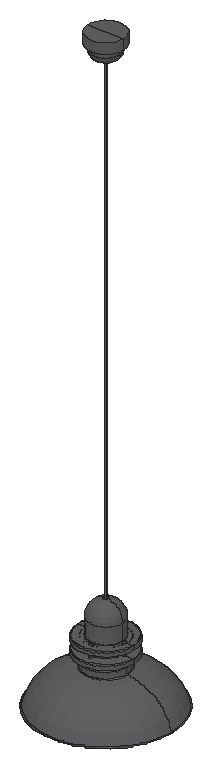
Revit family "Orbitor T 200w -218,220 MB", category Lighting Fixtures, Revit 2020
Family settings
  Round Connector Dimension = Use Diameter
  Part Type = Normal
  OmniClass Number = 23.80.70.00
  OmniClass Title = Lighting
  Work Plane-Based = No
  Always vertical = Yes
  Cut with Voids When Loaded = No
  Light Source = Yes
  Shared = No
  Room Calculation Point = No
Parameters (values of type "ORB220")
  Weight = "3.0 lbs"
  Wattage Comments = "200W Max"
  Wattage = 2.4 W
  Warranty = "5 year limited warranty"  # constant formula
  built-in parameter 1150110 = 1 (stored number, unit not read)
  Voltage = 277 V
  URL = "https://www.anplighting.com/assets/Uploads/product-attachments/specification-sheets/ANP-Specification-Sheet-RLM-MB-ORBT220.pdf"
  built-in parameter 1114217 = 1 (stored number, unit not read)
  Tilt Angle = 90.00°
  built-in parameter 1150109 = 1 (stored number, unit not read)
  built-in parameter 1150134 = 12
  built-in parameter 1150113 = 1 (stored number, unit not read)
  ORBITOR20 = yes
  ORBITOR18 = no
  Mounting Option [instance] = 1
  Power Factor = 1
  Post Mount [instance] = Mounting Option = 5  # no
  Placement X axis side [instance] = if(Post Mount, 2' 2 15/32", if(Cord or Stem Mount, 0' 0", if(E36 20 inch, 1' 8 1/4", if(E 6 26 inch, 2' 2", if(E7 41 inch, 3' 5 1/4", 0' 1")))))  # 0' - 0"
  Photometric Web File = "generic.ies"
  Model = "ORBT220"
  Manufacturer = "ANP Lighting"  # constant formula
  built-in parameter 1150105 = 238.73 (stored number, unit not read)
  Lumens = 3000 lm
  built-in parameter 1150115 = 1 (stored number, unit not read)
  Load Classification = Lighting
  Light Source Height [instance] = 1' - 1 1/2"
  built-in parameter 1150137 = (empty or 0)
  built-in parameter 1150139 = (empty or 0)
  Light Elevation _2 [instance] = if(Post Mount, 0' 0.66142", if(E7 41 inch, 0' 0.66142", if(E36 20 inch, 0' 1.65748", if(E 6 26 inch, 0' 1.53543", if(Cord or Stem Mount, (0' 4.3622" + Cord Length), 0' 0")))))  # 6' - 4.3622"
  Light Elevation _1 [instance] = if(Post Mount, 0' 0", if(E7 41 inch, 0' 0", if(E36 20 inch, 0' 1", if(E 6 26 inch, 0' 0.87402", if(Cord or Stem Mount, (0' 3.66142" + Cord Length), 0' 0")))))  # 6' - 3.66142"
  Light Elevation [instance] = if(Post Mount, 14' 0.5315", if(E7 41 inch, 0' 0", 0' 0"))  # 0' - 0"
  Life = "L70 50,000 hours"  # constant formula
  built-in parameter 1150112 = 1 (stored number, unit not read)
  built-in parameter 1150114 = 1 (stored number, unit not read)
  Lamp = "MB"
  built-in parameter 1150132 = 2
  built-in parameter 1150102 = (empty or 0)
  built-in parameter 1150107 = 4000 (stored number, unit not read)
  built-in parameter 1150138 = (empty or 0)
  built-in parameter 1150106 = 2.3873 (stored number, unit not read)
  INSIDE BODY = INSIDE BODY
  Fixture Height = 1' - 2 1/2"
  Fixture Diameter = 1' - 8"
  Efficiency = "65-125 lumens per watt"  # constant formula
  built-in parameter 1150104 = 116.13 (stored number, unit not read)
  E7 41 inch [instance] = Mounting Option = 4  # no
  E36 20 inch [instance] = Mounting Option = 3  # no
  E 6 26 inch [instance] = Mounting Option = 2  # no
  Dimming Lamp Color Temperature Shift = <None>
  Dimming = "1%"  # constant formula
  Description = "120-277 Voltage"  # constant formula
  Default Elevation = 0' - 0"
  Cord or Stem Mount [instance] = Mounting Option = 1  # yes
  Cord Length option [instance] = 0
  Cord Length [instance] = if([2' Cord], 2' 0", if([4' Cord], 4' 0", if([8' Cord], 8' 0", if([10' Cord], 10' 0", if([6' Cord], 6' 0", 6' 0")))))  # 6' - 0"
  Construction Material = "Heavy Duty spun aluminum."  # constant formula
  Color Filter = 16777215
  CRI = ">90"  # constant formula
  Bulb = Bulb
  Body Material = body
  Body Colour = "Spun aluminium"  # constant formula
  built-in parameter 1114218 = 1 (stored number, unit not read)
  built-in parameter 1150133 = 10 (stored number, unit not read)
  Apparent Load = 200 VA
  8' Cord [instance] = Cord Length option = 8  # no
  6' Cord [instance] = Cord Length option = 6  # no
  4' Cord [instance] = Cord Length option = 4  # no
  2' Cord [instance] = Cord Length option = 2  # no
  10' Cord [instance] = Cord Length option = 10  # no
Types (3): name | URL | ORBITOR20 | ORBITOR18 | Model | Fixture Height | Fixture Diameter
  (no name) | "https://www.anplighting.com/assets/Uploads/product-attachments/specification-sheets/ANP-Specification-Sheet-RLM-MB-ORBT220.pdf" | yes | no | "ORBT220" | 1' - 2 1/2" | 1' - 8"
  ORB218 | "https://www.anplighting.com/assets/Uploads/product-attachments/specification-sheets/ANP-Specification-Sheet-RLM-MB-ORBT218.pdf" | no | yes | "ORBT218" | 1' - 1 3/4" | 1' - 6"
  ORB220 | "https://www.anplighting.com/assets/Uploads/product-attachments/specification-sheets/ANP-Specification-Sheet-RLM-MB-ORBT220.pdf" | yes | no | "ORBT220" | 1' - 2 1/2" | 1' - 8"
Reference planes (in)
  plane 1 "Light Source Axis (F/B)": y = 0
  plane 2: z = 0
  plane 3 "Light Source Axis (L/R)": x = 0
  plane 4 "Light Source Elevation": z = 0
  plane 5: z = 0
  plane 6: x = 0
  plane 7 "Bulb Position": z = -76.3622
  plane 8 "Canopy Position": z = -75.66142
  plane 9 "IES": z = -89.8622
Dimensions and locks (in)
  "Light Elevation": plane 5 to plane 2
  "Placement X axis side": plane 6 to plane 3 "Light Source Axis (L/R)"
  "Light Elevation _2": plane 5 to plane 7 "Bulb Position"
  "Light Elevation _1": plane 5 to plane 8 "Canopy Position"
  "Light Source Height": plane 7 "Bulb Position" to plane 9 "IES"
  locked: plane 4 "Light Source Elevation" to plane 2
  aligned and locked: level to plane 2
  aligned and locked: plane 1 "Light Source Axis (F/B)" to nested 5
  aligned and locked: nested 5 to plane 2
  aligned and locked: nested 1 to plane 3 "Light Source Axis (L/R)"
  aligned and locked: plane 3 "Light Source Axis (L/R)" to nested 2
  aligned and locked: plane 3 "Light Source Axis (L/R)" to nested 4
  aligned and locked: nested 3 to plane 5
  aligned and locked: plane 3 "Light Source Axis (L/R)" to nested 3
  aligned and locked: plane 3 "Light Source Axis (L/R)" to nested 5
  aligned and locked: plane 1 "Light Source Axis (F/B)" to nested 2
  aligned and locked: plane 1 "Light Source Axis (F/B)" to nested 1
  aligned and locked: plane 1 "Light Source Axis (F/B)" to nested 4
  aligned and locked: plane 1 "Light Source Axis (F/B)" to nested 3
  aligned and locked: plane 2 to nested 1
  aligned and locked: plane 2 to nested 2
  aligned and locked: nested 4 to plane 2
  aligned and locked: imposter light to plane 9 "IES"
  aligned and locked: imposter light to plane 6
  aligned and locked: nested 6 to plane 6
  aligned and locked: nested 6 to plane 8 "Canopy Position"
  aligned and locked: nested 7 to plane 8 "Canopy Position"
  aligned and locked: nested 7 to plane 6
Nested families (in)
  nested 1: "CORD OR STEM MOUNT" at (0, 0, -75.67), visible <- "Cord or Stem Mount", Cord or Stem Mount <- "Cord or Stem Mount", Body Material <- "Body Material", Light Elevation <- "Light Elevation", Cord Length <- "Cord Length", 10' Cord <- "10' Cord", 2' Cord <- "2' Cord", 4' Cord <- "4' Cord", 6' Cord <- "6' Cord", 8' Cord <- "8' Cord", type "CORD OR STEM MOUNT"
    with Light Elevation 0' - 0", Cord or Stem Mount yes, Cord Length 6' - 0", Body Material body, 8' Cord no, 6' Cord no, 4' Cord no, 2' Cord no, 10' Cord no
  nested 2: "E6 26 INCH" at (0, 0, 0), visible <- "E 6 26 inch", Chain Length <- "Cord Length", E 6 26 inch <- "E 6 26 inch", Placement X axis side <- "Placement X axis side", Body Material <- "Body Material", Light Elevation <- "Light Elevation", type "E6 26 INCH"
    with Placement X axis side 0' - 0", Light Elevation 0' - 0", E 6 26 inch no, Chain Length 6' - 0", Body Material body
  nested 3: "E7 41 INCH" at (0, 0, 0), Chain Length <- "Cord Length", visible <- "E7 41 inch", E7 41 inch <- "E7 41 inch", Placement X axis side <- "Placement X axis side", Body Material <- "Body Material", Light Elevation <- "Light Elevation", type "E7 41 INCH"
    with Placement X axis side 0' - 0", Light Elevation 0' - 0", E7 41 inch no, Chain Length 6' - 0", Body Material body
  nested 4: "E36 20 INCH" at (0, 0, 0), visible <- "E36 20 inch", E36 20 inch <- "E36 20 inch", Placement X axis side <- "Placement X axis side", Chain Length <- "Cord Length", Body Material <- "Body Material", Light Elevation <- "Light Elevation", type "E36 20 INCH"
    with Placement X axis side 0' - 0", Light Elevation 0' - 0", E36 20 inch no, Chain Length 6' - 0", Body Material body
  nested 5: "POST MOUNT" at (0, 0, 0), visible <- "Post Mount", Post Mount <- "Post Mount", Placement X axis side <- "Placement X axis side", Chain Length <- "Cord Length", Body Material <- "Body Material", Light Elevation <- "Light Elevation", type "POST MOUNT"
    with Post Mount no, Placement X axis side 0' - 0", Light Elevation 0' - 0", Chain Length 6' - 0", Body Material body
  nested 6: "ORBT218" at (0, 0, -75.66142), Light Elevation <- "Light Elevation", Body <- "Body Material", ORBITOR18 <- "ORBITOR18", visible <- "ORBITOR18", type "ORBT218"
    with ORBITOR18 no, Light Elevation 0' - 0", Body body
  nested 7: "ORBT220" at (0, 0, -75.66142), Body <- "Body Material", ORBITOR20 <- "ORBITOR20", visible <- "ORBITOR20", INSIDE BODY <- "INSIDE BODY", Light Elevation <- "Light Elevation", type "ORBT220"
    with ORBITOR20 yes, Light Elevation 0' - 0", INSIDE BODY INSIDE BODY, Body body
Definition of nested family "CORD OR STEM MOUNT"
  Parameters (values of type "CORD OR STEM MOUNT")
    URL = ""
    Model = ""
    Manufacturer = ""
    Light Elevation [instance] = 1' - 7.69"
    Default Elevation = 0' - 0"
    Cord or Stem Mount [instance] = yes
    Cord Length [instance] = 6' - 0"
    Body Material [instance] = none
    8' Cord [instance] = no
    6' Cord [instance] = no
    4' Cord [instance] = no
    2' Cord [instance] = no
    10' Cord [instance] = no
  Reference planes (in)
    plane 1 "Light Source Axis (F/B)": y = 0
    plane 2: z = 0
    plane 3 "Light Source Axis (L/R)": x = 0
    plane 4 "Light Source Elevation": z = 23.125
    plane 5: z = 91.69
    plane 6: z = 19.69
  Forms (in)
    Extrusion 1, void, not visible
      sketch origin (0, 0, 2.38154) x (1, 0, 0) y (0, 0, 1)
        loop
          circle (0, 4.59925) r 0.16583
      from 1.18594 to 1.75
    Extrusion 2, void, not visible
      sketch origin (0, 0, 2.38154) x (0.707107, -0.707107, 0) y (0, 0, 1)
        loop
          circle (0, 4.59925) r 0.16583
      from 1.18594 to 1.75
    Extrusion 3, void, not visible
      sketch origin (0, 0, 2.38154) x (0.707107, 0.707107, 0) y (0, 0, 1)
        loop
          circle (0, 4.59925) r 0.16583
      from 1.18594 to 1.75
    Extrusion 4, void, not visible
      sketch origin (0, 0, 2.38154) x (0, 1, 0) y (0, 0, 1)
        loop
          circle (0, 4.59925) r 0.16583
      from 1.18594 to 1.75
    Extrusion 5, void, not visible
      sketch origin (0, 0, 2.38154) x (-0.707107, 0.707107, 0) y (0, 0, 1)
        loop
          circle (0, 4.59925) r 0.16583
      from 1.18594 to 1.75
    Extrusion 6, void, not visible
      sketch origin (0, 0, 2.38154) x (-1, 0, 0) y (0, 0, 1)
        loop
          circle (0, 4.59925) r 0.20678
      from 1.18594 to 1.75
    Extrusion 7, void, not visible
      sketch origin (0, 0, 2.38154) x (-0.707107, -0.707107, 0) y (0, 0, 1)
        loop
          circle (0, 4.59925) r 0.16583
      from 1.18594 to 1.75
    Extrusion 8, void, not visible
      sketch origin (0, 0, 2.38154) x (0, -1, 0) y (0, 0, 1)
        loop
          circle (0, 4.59925) r 0.16583
      from 1.18594 to 1.75
    Revolve 9, solid, material <- "Body Material", visible <- "Cord or Stem Mount"
      sketch origin (0, 0, 174.56698) x (1, 0, 0) y (0, 0, 1)
        loop
          line (2.6875, -79.20698) -> (0, -79.20698) -> (0, -82.87698) -> (0.125, -82.87698) -> (0.125, -82.83698) -> (0.75, -82.83698)
          arc (0.75, -82.83698) -> (0.81694, -82.77004) -> (0.75, -82.7031) r 0.06694
          line (0.75, -82.7031) -> (0.89763, -82.7031) -> (1.00223, -82.5985) -> (1.06587, -82.5985)
          arc (1.06587, -82.5985) -> (1.80099, -82.29401) -> (2.10549, -81.55888) r 1.03962
          line (2.10549, -81.55888) -> (2.10549, -81.03899)
          arc (2.10549, -81.03899) -> (2.12951, -80.981) -> (2.1875, -80.95698) r 0.08201
          line (2.1875, -80.95698) -> (2.1875, -80.70698) -> (2.6875, -80.70698) -> (2.6875, -79.20698)
        axis (0, -79.20698) -> (0, -82.87698)
      angle from 0 to 360
    Revolve 10, solid, material <- "Body Material", visible <- "Cord or Stem Mount"
      sketch origin (0, 0, 0) x (1, 0, 0) y (0, 0, 1)
        loop
          line (0, 91.69) -> (-0.125, 91.69) -> (-0.125, 19.69) -> (0, 19.69) -> (0, 91.69)
        axis (0, 19.69) -> (0, 91.69)
      angle from 0 to 360
  Dimensions and locks (in)
    "Light Elevation": plane 6 to plane 2
    "Cord Length": plane 5 to plane 6
    locked: Revolve 10 sketch curve to Revolve 10 sketch curve at 0.125
    aligned and locked: level to plane 2
    aligned and locked: Revolve 10 sketch curve to plane 3 "Light Source Axis (L/R)"
    aligned and locked: Revolve 10 sketch curve to plane 6
    aligned and locked: Revolve 10 sketch curve to plane 5
    aligned and locked: plane 3 "Light Source Axis (L/R)" to Revolve 10 sketch curve
  Automatic sketch dimensions
    Revolve 9 sketch curve to plane 3 "Light Source Axis (L/R)" = 0' - 0"  (x2)
    Revolve 9 sketch curve to plane 5 = 0' - 0"
    plane 3 "Light Source Axis (L/R)" to Revolve 9 sketch curve = 0' - 0 1/8"
    Revolve 9 sketch curve to plane 5 = 0' - 0.17388"
    Revolve 9 sketch curve to Revolve 9 sketch curve = 0' - 0 5/8"
    Revolve 9 sketch curve to Revolve 9 sketch curve = 0' - 0.14763"
    Revolve 9 sketch curve to plane 5 = 0' - 0.27847"
    Revolve 9 sketch curve to Revolve 9 sketch curve = 0' - 0.1046"
    Revolve 9 sketch curve to Revolve 9 sketch curve = 0' - 0.06364"
    Revolve 9 sketch curve to Revolve 9 sketch curve = 0' - 1.03962"
    Revolve 9 sketch curve to Revolve 9 sketch curve = 0' - 0 21/256"
    Revolve 9 sketch curve to Revolve 9 sketch curve = 0' - 0 1/2"  (x2)
    Revolve 9 sketch curve to Revolve 9 sketch curve = 0' - 0.51989"
    Revolve 9 sketch curve to Revolve 9 sketch curve = 0' - 0 1/4"
    Revolve 9 sketch curve to Revolve 9 sketch curve = 0' - 2.3519"
    Revolve 9 sketch curve to Revolve 9 sketch curve = 0' - 1 1/4"
    Revolve 9 sketch curve to Revolve 9 sketch curve = 0' - 0.04"
    Revolve 10 sketch curve to Revolve 10 sketch curve = 0' - 0 1/2"
    Revolve 10 sketch curve to Revolve 10 sketch curve = 0' - 0.42345"
Definition of nested family "ORBT220"
  Parameters (values of type "ORBT220")
    ORBITOR20 [instance] = yes
    Light Elevation [instance] = 0' - 0"
    INSIDE BODY [instance] = none
    Default Elevation = 0' - 0"
    Body [instance] = none
  Reference planes (in)
    plane 1 "Center (Front/Back)": y = 0
    plane 2: z = 0
    plane 3 "Center (Left/Right)": x = 0
    plane 4: z = 0
  Dimensions and locks (in)
    "Light Elevation": plane 4 to plane 2
    aligned and locked: plane 2 to level
    aligned and locked: plane 3 "Center (Left/Right)" to nested 1
    aligned and locked: plane 1 "Center (Front/Back)" to nested 1
    aligned and locked: nested 1 to plane 4
  Nested families (in)
    nested 1: "ORBT220-LED" at (0, 0, -15.2002), INSIDE BODY <- "INSIDE BODY", Body <- "Body", visible <- "ORBITOR20", ORBITOR20 <- "ORBITOR20", type "ORBT220-LED"
      with ORBITOR20 yes, INSIDE BODY none, Body none
  Definition of nested family "ORBT220-LED"
    Parameters (values of type "ORBT220-LED")
      ORBITOR20 [instance] = yes
      INSIDE BODY [instance] = none
      Default Elevation = 0' - 0"
      Body [instance] = none
    Reference planes (in)
      plane 1 "Center (Front/Back)": y = 0
      plane 2: z = 0
      plane 3 "Center (Left/Right)": x = 0
    Forms (in)
      Revolve 1, solid, material <- "Body", visible <- "ORBITOR20"
        sketch origin (0, 0, 0) x (1, 0, 0) y (0, 0, 1)
          loop
            arc (-0.41607, 15.2002) -> (-1.90921, 14.34904) -> (-2.5, 12.73506) r 2.5
            line (-2.5, 12.73506) -> (-2.5, 10.36006)
            arc (-2.5, 10.36006) -> (-2.53661, 10.27167) -> (-2.625, 10.23506) r 0.125
            line (-2.625, 10.23506) -> (-3.0625, 10.23506)
            arc (-3.0625, 10.23506) -> (-3.15089, 10.19845) -> (-3.1875, 10.11006) r 0.125
            line (-3.1875, 10.11006) -> (-3.1875, 9.61006) -> (-3.1075, 9.61006) -> (-3.1075, 10.11006)
            arc (-3.1075, 10.11006) -> (-3.09432, 10.14188) -> (-3.0625, 10.15506) r 0.045
            line (-3.0625, 10.15506) -> (-2.625, 10.15506)
            arc (-2.625, 10.15506) -> (-2.48004, 10.2151) -> (-2.42, 10.36006) r 0.205
            line (-2.42, 10.36006) -> (-2.42, 12.73506)
            arc (-2.42, 12.73506) -> (-1.84424, 14.30197) -> (-0.39091, 15.12328) r 2.42
            line (-0.39091, 15.12328) -> (0, 15.12328) -> (0, 15.2002) -> (-0.41607, 15.2002)
          axis (0, 15.2002) -> (0, 9.61006)
        angle from 0 to 360
      Revolve 2, solid, material <- "Body", visible <- "ORBITOR20"
        sketch origin (0, 0, 0) x (1, 0, 0) y (0, 0, 1)
          loop
            line (-2.5625, 10.31506) -> (-4.1075, 10.31506)
            arc (-4.1075, 10.31506) -> (-4.16407, 10.29163) -> (-4.1875, 10.23506) r 0.08
            line (-4.1875, 10.23506) -> (-4.1875, 9.69006) -> (-4.1075, 9.69006) -> (-4.1075, 10.23506) -> (-2.5625, 10.23506) -> (-2.5625, 10.31506)
          axis (0, 10.31506) -> (0, 9.69006)
        angle from 0 to 360
      Revolve 3, solid, material <- "Body", visible <- "ORBITOR20"
        sketch origin (0, 0, 0) x (1, 0, 0) y (0, 0, 1)
          loop
            line (-2.5625, 10.23506) -> (-4, 10.23506) -> (-4, 9.98506) -> (-2.5625, 9.98506) -> (-2.5625, 10.23506)
          axis (0, 10.23506) -> (0, 9.98506)
        angle from 0 to 360
      Revolve 4, solid, material <- "Body", visible <- "ORBITOR20"
        sketch origin (0, 0, 0) x (1, 0, 0) y (0, 0, 1)
          loop
            line (-2.5625, 8.45006) -> (-2.5625, 8.53006) -> (-4.1075, 8.53006)
            arc (-4.1075, 8.53006) -> (-4.16407, 8.50663) -> (-4.1875, 8.45006) r 0.08
            line (-4.1875, 8.45006) -> (-4.1875, 7.90506) -> (-4.1075, 7.90506) -> (-4.1075, 8.45006) -> (-2.5625, 8.45006)
          axis (0, 8.53006) -> (0, 7.90506)
        angle from 0 to 360
      Revolve 5, solid, material <- "Body", visible <- "ORBITOR20"
        sketch origin (0, 0, 0) x (1, 0, 0) y (0, 0, 1)
          loop
            line (-3, 10.37756) -> (-3, 10.31506) -> (-2.8125, 10.31506) -> (-2.8125, 10.49006)
            arc (-2.8125, 10.49006) -> (-2.92183, 10.45978) -> (-3, 10.37756) r 0.2125
          loop
            line (-2.9375, 9.78006) -> (-3, 9.78006) -> (-3, 8.53006) -> (-2.9375, 8.53006) -> (-2.9375, 9.78006)
          loop
            line (-2.9375, 8.45006) -> (-3, 8.45006) -> (-3, 7.20006) -> (-2.9375, 7.20006) -> (-2.9375, 8.45006)
          axis (-2.8125, 10.49006) -> (-2.8125, 7.20006)
        angle from 0 to 360
      Revolve 6, solid, material <- "Body", visible <- "ORBITOR20"
        sketch origin (0, 0, 0) x (-1, 0, 0) y (0, 0, 1)
          loop
            line (-3, 10.37756) -> (-3, 10.31506) -> (-2.8125, 10.31506) -> (-2.8125, 10.49006)
            arc (-2.8125, 10.49006) -> (-2.92183, 10.45978) -> (-3, 10.37756) r 0.2125
          loop
            line (-2.9375, 9.78006) -> (-3, 9.78006) -> (-3, 8.53006) -> (-2.9375, 8.53006) -> (-2.9375, 9.78006)
          loop
            line (-2.9375, 8.45006) -> (-3, 8.45006) -> (-3, 7.20006) -> (-2.9375, 7.20006) -> (-2.9375, 8.45006)
          axis (-2.8125, 10.49006) -> (-2.8125, 7.20006)
        angle from 0 to 360
      Revolve 7, solid
        sketch origin (0, 0, 0) x (0, -1, 0) y (0, 0, 1)
          loop
            line (-3, 10.37756) -> (-3, 10.31506) -> (-2.8125, 10.31506) -> (-2.8125, 10.49006)
            arc (-2.8125, 10.49006) -> (-2.92183, 10.45978) -> (-3, 10.37756) r 0.2125
          loop
            line (-2.9375, 9.78006) -> (-3, 9.78006) -> (-3, 8.53006) -> (-2.9375, 8.53006) -> (-2.9375, 9.78006)
          loop
            line (-2.9375, 8.45006) -> (-3, 8.45006) -> (-3, 7.20006) -> (-2.9375, 7.20006) -> (-2.9375, 8.45006)
          axis (-2.8125, 10.49006) -> (-2.8125, 7.20006)
        angle from 0 to 360
      Revolve 8, solid, material <- "Body", visible <- "ORBITOR20"
        sketch origin (0, 0, 0) x (0, 1, 0) y (0, 0, -1)
          loop
            arc (-3, -10.37756) -> (-2.92183, -10.45978) -> (-2.8125, -10.49006) r 0.2125
            line (-2.8125, -10.49006) -> (-2.8125, -10.31506) -> (-3, -10.31506) -> (-3, -10.37756)
          loop
            line (-2.9375, -9.78006) -> (-2.9375, -8.53006) -> (-3, -8.53006) -> (-3, -9.78006) -> (-2.9375, -9.78006)
          loop
            line (-2.9375, -8.45006) -> (-2.9375, -7.20006) -> (-3, -7.20006) -> (-3, -8.45006) -> (-2.9375, -8.45006)
          axis (-2.8125, -10.49006) -> (-2.8125, -7.20006)
        angle from 0 to 360
      Revolve 9, solid, material <- "Body", visible <- "ORBITOR20"
        sketch origin (0, 0, 0) x (1, 0, 0) y (0, 0, 1)
          loop
            line (-1.25, 9.78006) -> (-2.5, 9.78006) -> (-2.5, 9.03006) -> (-2.4375, 9.03006) -> (-2.4375, 8.53006) -> (-2.1875, 8.53006) -> (-2.1875, 9.59256) -> (-1.25, 9.59256) -> (-1.25, 9.78006)
          axis (0, 9.78006) -> (0, 8.53006)
        angle from 0 to 360
      Revolve 10, solid, material <- "Body", visible <- "ORBITOR20"
        sketch origin (0, 0, 0) x (1, 0, 0) y (0, 0, 1)
          loop
            line (-2.5625, 7.20006) -> (-3.04687, 7.20006)
            arc (-3.04687, 7.20006) -> (-3.14631, 7.15887) -> (-3.1875, 7.05944) r 0.14063
            line (-3.1875, 7.05944) -> (-3.1875, 6.22719)
            arc (-3.1875, 6.22719) -> (-3.20782, 6.15222) -> (-3.26323, 6.09778) r 0.14844
            arc (-3.26323, 6.09778) -> (-7.39623, 4.45362) -> (-9.90266, 0.779) r 7.60483
            arc (-9.90266, 0.779) -> (-9.92733, 0.77665) -> (-9.91562, 0.7985) r 0.01406
            line (-9.91562, 0.7985) -> (-9.91562, 0.86881)
            arc (-9.91562, 0.86881) -> (-9.98204, 0.7324) -> (-9.8337, 0.76425) r 0.08438
            arc (-9.8337, 0.76425) -> (-7.34883, 4.41127) -> (-3.24589, 6.03644) r 7.52057
            arc (-3.24589, 6.03644) -> (-3.15777, 6.11428) -> (-3.125, 6.22719) r 0.21094
            line (-3.125, 6.22719) -> (-3.125, 7.06725)
            arc (-3.125, 7.06725) -> (-3.10441, 7.11697) -> (-3.05469, 7.13756) r 0.07031
            line (-3.05469, 7.13756) -> (-2.5625, 7.13756) -> (-2.5625, 7.20006)
          axis (0, 7.20006) -> (0, 0.76425)
        angle from 0 to 360
      Revolve 11, solid, material <- "INSIDE BODY", visible <- "ORBITOR20"
        sketch origin (0, 0, 0) x (1, 0, 0) y (0, 0, 1)
          loop
            line (3.18339, 6.00034) -> (3.18339, 5.92836)
            arc (3.18339, 5.92836) -> (5.19419, 5.48579) -> (6.99965, 4.49607) r 7.25362
            arc (6.99965, 4.49607) -> (8.62074, 2.83617) -> (9.66494, 0.76425) r 7.5936
            line (9.66494, 0.76425) -> (9.69996, 0.76425)
            arc (9.69996, 0.76425) -> (8.64187, 2.86769) -> (6.99718, 4.55261) r 7.6936
            arc (6.99718, 4.55261) -> (5.19268, 5.54622) -> (3.18339, 6.00034) r 7.35362
          axis (0, 6.00034) -> (0, 0.76425)
        angle from 0 to 360
    Dimensions and locks (in)
      aligned and locked: plane 2 to level
Definition of nested family "E6 26 INCH"
  Parameters (values of type "E6 26 INCH")
    URL = ""
    Placement X axis side [instance] = 2' - 2"
    Model = ""
    Manufacturer = ""
    Light Elevation [instance] = 8' - 4"
    E 6 26 inch [instance] = yes
    Default Elevation = 0' - 0"
    Chain Length [instance] = 0' - 0"
    Body Material [instance] = none
  Reference planes (in)
    plane 1 "Light Source Axis (F/B)": y = 0
    plane 2: z = 0
    plane 3 "Light Source Axis (L/R)": x = 0
    plane 4 "Light Source Elevation": z = 23.125
    plane 5: z = 100
    plane 6: x = -26
    plane 7: z = 99.125
    plane 8: x = -24.12
    plane 9: x = -25.5474
  Forms (in)
    Extrusion 1, void, not visible
      sketch origin (0, 0, 2.38154) x (1, 0, 0) y (0, 0, 1)
        loop
          circle (0, 4.59925) r 0.16583
      from 1.18594 to 1.75
    Extrusion 2, void, not visible
      sketch origin (0, 0, 2.38154) x (0.707107, -0.707107, 0) y (0, 0, 1)
        loop
          circle (0, 4.59925) r 0.16583
      from 1.18594 to 1.75
    Extrusion 3, void, not visible
      sketch origin (0, 0, 2.38154) x (0.707107, 0.707107, 0) y (0, 0, 1)
        loop
          circle (0, 4.59925) r 0.16583
      from 1.18594 to 1.75
    Extrusion 4, void, not visible
      sketch origin (0, 0, 2.38154) x (0, 1, 0) y (0, 0, 1)
        loop
          circle (0, 4.59925) r 0.16583
      from 1.18594 to 1.75
    Extrusion 5, void, not visible
      sketch origin (0, 0, 2.38154) x (-0.707107, 0.707107, 0) y (0, 0, 1)
        loop
          circle (0, 4.59925) r 0.16583
      from 1.18594 to 1.75
    Extrusion 6, void, not visible
      sketch origin (0, 0, 2.38154) x (-1, 0, 0) y (0, 0, 1)
        loop
          circle (0, 4.59925) r 0.20678
      from 1.18594 to 1.75
    Extrusion 7, void, not visible
      sketch origin (0, 0, 2.38154) x (-0.707107, -0.707107, 0) y (0, 0, 1)
        loop
          circle (0, 4.59925) r 0.16583
      from 1.18594 to 1.75
    Extrusion 8, void, not visible
      sketch origin (0, 0, 2.38154) x (0, -1, 0) y (0, 0, 1)
        loop
          circle (0, 4.59925) r 0.16583
      from 1.18594 to 1.75
    Sweep 9, solid, material <- "Body Material", visible <- "E 6 26 inch"
      path origin (-41.25, 0, 168.51693) x (1, 0, 0) y (0, 0, 1)
        loop
          line (17.13, -68.51693) -> (27.68551, -68.51693)
          arc (27.68551, -68.51693) -> (28.47996, -68.34486) -> (29.13202, -67.8595) r 1.92004
          line (29.13202, -67.8595) -> (34.23651, -62.01155)
          arc (34.23651, -62.01155) -> (38.65464, -60.89667) -> (41.25, -64.64193) r 4
          line (41.25, -64.64193) -> (41.25, -69.39193)
      profile origin (-18.84224, 0, 100) x (0, 0, 1) y (0, -1, 0)
        loop
          circle (0, 0) r 0.5
    Revolve 10, solid, material <- "Body Material", visible <- "E 6 26 inch"
      sketch origin (-26, 0, 168.51693) x (1, 0, 0) y (0, 0, 1)
        loop
          line (0, -66.07943) -> (0, -68.51693) -> (1.88, -68.51693) -> (1.88, -67.69272) -> (0.4526, -67.69272) -> (0.4526, -66.54122) -> (0.33125, -66.54122) -> (0.33125, -66.07943) -> (0, -66.07943)
        axis (0, -68.51693) -> (1.88, -68.51693)
      angle from 0 to 360
    Extrusion 11, solid, material <- "Body Material", visible <- "E 6 26 inch"
      sketch origin (-26, 0, 168.51693) x (0, -1, 0) y (0, 0, -1)
        loop
          line (0.25, 68.51693) -> (0.25, 69.51693) -> (-0.25, 69.51693) -> (-0.25, 68.51693) -> (0.25, 68.51693)
      from 0.4526 to 1.88
  Cuts and joins
    joined: Revolve 10, Extrusion 11
  Dimensions and locks (in)
    "Light Elevation": plane 5 to plane 2
    "Placement X axis side": plane 3 "Light Source Axis (L/R)" to plane 6
    locked: plane 5 to plane 7 at 0.875
    Revolve 10 sketch curve to Revolve 10 sketch curve to Revolve 10 sketch curve to plane 6 = 0' - 1.4274" locked, 0' - 0.12135" locked, 0' - 0.33125" locked
    Revolve 10 sketch curve to Revolve 10 sketch curve to Revolve 10 sketch curve to plane 5 = 0' - 0.46179" locked, 0' - 1.1515" locked, 0' - 0 211/256" locked
    locked: Sweep 9 sketch curve to plane 6 at 1.88
    locked: Sweep 9 sketch curve to Sweep 9 sketch curve at 10.55551
    locked: Sweep 9 sketch curve to Sweep 9 sketch curve at 13.56449
    locked: Sweep 9 sketch curve to Sweep 9 sketch curve at 4.75
    locked: plane 9 to plane 6 at 0.4526
    locked: plane 8 to plane 9 at 1.4274
    aligned and locked: level to plane 2
    aligned and locked: Revolve 10 sketch curve to plane 6
    aligned and locked: plane 5 to Revolve 10 sketch curve
    aligned and locked: Revolve 10 sketch curve to plane 5
    aligned and locked: cut or joined group of Revolve 10, Extrusion 11 to plane 9
    aligned and locked: plane 8 to cut or joined group of Revolve 10, Extrusion 11
  Automatic sketch dimensions
    Sweep 9 sketch curve to plane 5 = 0' - 0"
    Sweep 9 sketch curve to Sweep 9 sketch curve = 0' - 4"
    Sweep 9 sketch curve to Sweep 9 sketch curve = 0' - 3.01349"
    plane 5 to Sweep 9 sketch curve = 0' - 0.65743"
    Sweep 9 sketch curve to Sweep 9 sketch curve = 0' - 1.4465"
    Sweep 9 sketch curve to plane 5 = 0' - 0 7/8"
    profile plane to Sweep 9 sketch curve = 0' - 0"
    Sweep 9 sketch curve to profile plane = 0' - 0"
    plane 6 to Revolve 10 sketch curve = 0' - 0.62562"
    Revolve 10 sketch curve to Revolve 10 sketch curve = 0' - 0 1/2"
    Extrusion 11 sketch curve to plane 5 = 0' - 0"
    plane 1 "Light Source Axis (F/B)" to Extrusion 11 sketch curve = 0' - 0 1/4"
    Extrusion 11 sketch curve to plane 1 "Light Source Axis (F/B)" = 0' - 0 1/4"
    plane 5 to Extrusion 11 sketch curve = 0' - 1"
    radius of Sweep 9 sketch curve = 0' - 0 1/2"
Definition of nested family "E7 41 INCH"
  Parameters (values of type "E7 41 INCH")
    URL = ""
    Placement X axis side [instance] = 4' - 2"
    Model = ""
    Manufacturer = ""
    Light Elevation [instance] = 8' - 4"
    E7 41 inch [instance] = yes
    Default Elevation = 0' - 0"
    Chain Length [instance] = 0' - 0"
    Body Material [instance] = none
  Reference planes (in)
    plane 1 "Light Source Axis (F/B)": y = 0
    plane 2: z = 0
    plane 3 "Light Source Axis (L/R)": x = 0
    plane 4 "Light Source Elevation": z = 23.125
    plane 5: z = 100
    plane 6: x = -50
  Forms (in)
    Extrusion 1, void, not visible
      sketch origin (0, 0, 2.38154) x (1, 0, 0) y (0, 0, 1)
        loop
          circle (0, 4.59925) r 0.16583
      from 1.18594 to 1.75
    Extrusion 2, void, not visible
      sketch origin (0, 0, 2.38154) x (0.707107, -0.707107, 0) y (0, 0, 1)
        loop
          circle (0, 4.59925) r 0.16583
      from 1.18594 to 1.75
    Extrusion 3, void, not visible
      sketch origin (0, 0, 2.38154) x (0.707107, 0.707107, 0) y (0, 0, 1)
        loop
          circle (0, 4.59925) r 0.16583
      from 1.18594 to 1.75
    Extrusion 4, void, not visible
      sketch origin (0, 0, 2.38154) x (0, 1, 0) y (0, 0, 1)
        loop
          circle (0, 4.59925) r 0.16583
      from 1.18594 to 1.75
    Extrusion 5, void, not visible
      sketch origin (0, 0, 2.38154) x (-0.707107, 0.707107, 0) y (0, 0, 1)
        loop
          circle (0, 4.59925) r 0.16583
      from 1.18594 to 1.75
    Extrusion 6, void, not visible
      sketch origin (0, 0, 2.38154) x (-1, 0, 0) y (0, 0, 1)
        loop
          circle (0, 4.59925) r 0.20678
      from 1.18594 to 1.75
    Extrusion 7, void, not visible
      sketch origin (0, 0, 2.38154) x (-0.707107, -0.707107, 0) y (0, 0, 1)
        loop
          circle (0, 4.59925) r 0.16583
      from 1.18594 to 1.75
    Extrusion 8, void, not visible
      sketch origin (0, 0, 2.38154) x (0, -1, 0) y (0, 0, 1)
        loop
          circle (0, 4.59925) r 0.16583
      from 1.18594 to 1.75
    Revolve 9, solid, material <- "Body Material", visible <- "E7 41 inch"
      sketch origin (-41.25, 0, 168.39193) x (1, 0, 0) y (0, 0, 1)
        loop
          line (-8.75, -66.20443) -> (-8.75, -68.51693) -> (-6.87, -68.51693) -> (-6.87, -67.69272) -> (-8.2974, -67.69272) -> (-8.2974, -66.54122) -> (-8.41875, -66.54122) -> (-8.41875, -66.20443) -> (-8.75, -66.20443)
        axis (-8.75, -68.51693) -> (-6.87, -68.51693)
      angle from 0 to 360
    Extrusion 10, solid, material <- "Body Material", visible <- "E7 41 inch"
      sketch origin (-41.25, 0, 168.39193) x (0, -1, 0) y (0, 0, -1)
        loop
          line (0.25, 68.51693) -> (0.25, 69.51693) -> (-0.25, 69.51693) -> (-0.25, 68.51693) -> (0.25, 68.51693)
      from -8.2974 to -6.87
    Sweep 11, solid, material <- "Body Material", visible <- "E7 41 inch"
      path origin (-41.25, 0, 168.39193) x (1, 0, 0) y (0, 0, 1)
        loop
          line (-6.87, -68.51693) -> (16.04011, -68.51693)
          arc (16.04011, -68.51693) -> (17.864, -68.13651) -> (19.38375, -67.0587) r 4.5625
          line (19.38375, -67.0587) -> (24.70217, -61.33018)
          arc (24.70217, -61.33018) -> (29.64465, -60.20324) -> (32.5, -64.39193) r 4.5
          line (32.5, -64.39193) -> (32.5, -68.39193)
      profile origin (-36.66494, 0, 99.875) x (0, 0, 1) y (0, -1, 0)
        loop
          circle (0, 0) r 0.5
  Dimensions and locks (in)
    "Placement X axis side": plane 3 "Light Source Axis (L/R)" to plane 6
    "Light Elevation": plane 5 to plane 2
    locked: Revolve 9 sketch curve to Revolve 9 sketch curve at 0.33125
    locked: Revolve 9 sketch curve to Revolve 9 sketch curve at 0.4526
    locked: Revolve 9 sketch curve to Revolve 9 sketch curve at 1.88
    locked: Revolve 9 sketch curve to Revolve 9 sketch curve at 0.82421
    locked: Revolve 9 sketch curve to Revolve 9 sketch curve at 1.1515
    locked: Revolve 9 sketch curve to Revolve 9 sketch curve at 0.33679
    locked: plane 5 to Revolve 9 sketch curve at 0.125
    locked: Extrusion 10 sketch curve to Extrusion 10 sketch curve at 0.5
    locked: Extrusion 10 sketch curve to Extrusion 10 sketch curve at 1
    locked: plane 5 to Extrusion 10 sketch curve at 0.125
    locked: plane 5 to Sweep 11 sketch curve at 0.125
    locked: Sweep 11 sketch curve to Sweep 11 sketch curve at 39.37
    locked: Sweep 11 sketch curve to Sweep 11 sketch curve at 4
    locked: plane 6 to Extrusion 10 at 0.4526
    locked: Sweep 11 sketch curve to plane 6 at 1.88
    locked: Extrusion 10 to Extrusion 10 at 1.4274
    aligned and locked: plane 2 to level
    aligned and locked: Revolve 9 sketch curve to plane 6
  Automatic sketch dimensions
    Revolve 9 sketch curve to plane 5 = 0' - 0 1/8"
    plane 6 to Revolve 9 sketch curve = 0' - 0.62562"
    Revolve 9 sketch curve to Revolve 9 sketch curve = 0' - 0 1/2"
    plane 1 "Light Source Axis (F/B)" to Extrusion 10 sketch curve = 0' - 0 1/4"
    Sweep 11 sketch curve to plane 5 = 0' - 0"
    Sweep 11 sketch curve to Sweep 11 sketch curve = 0' - 4 1/2"
    Sweep 11 sketch curve to Sweep 11 sketch curve = 0' - 3.29783"
    plane 5 to Sweep 11 sketch curve = 0' - 1.33323"
    Sweep 11 sketch curve to Sweep 11 sketch curve = 0' - 5.31842"
    Sweep 11 sketch curve to Sweep 11 sketch curve = 0' - 3.34364"
    profile plane to Sweep 11 sketch curve = 0' - 0"
    Sweep 11 sketch curve to profile plane = 0' - 0"
    radius of Sweep 11 sketch curve = 0' - 0 1/2"
Definition of nested family "E36 20 INCH"
  Parameters (values of type "E36 20 INCH")
    URL = ""
    Placement X axis side [instance] = 1' - 8 1/4"
    Model = ""
    Manufacturer = ""
    Light Elevation [instance] = 8' - 4"
    E36 20 inch [instance] = yes
    Default Elevation = 0' - 0"
    Chain Length [instance] = 0' - 0"
    Body Material [instance] = none
  Reference planes (in)
    plane 1 "Light Source Axis (F/B)": y = 0
    plane 2: z = 0
    plane 3 "Light Source Axis (L/R)": x = 0
    plane 4 "Light Source Elevation": z = 23.125
    plane 5: z = 99
    plane 6: x = -20.25
    plane 7: z = 100
    plane 8: x = -18.37008
    plane 9: x = -19.79724
  Forms (in)
    Extrusion 1, void, not visible
      sketch origin (0, 0, 2.38154) x (1, 0, 0) y (0, 0, 1)
        loop
          circle (0, 4.59925) r 0.16583
      from 1.18594 to 1.75
    Extrusion 2, void, not visible
      sketch origin (0, 0, 2.38154) x (0.707107, -0.707107, 0) y (0, 0, 1)
        loop
          circle (0, 4.59925) r 0.16583
      from 1.18594 to 1.75
    Extrusion 3, void, not visible
      sketch origin (0, 0, 2.38154) x (0.707107, 0.707107, 0) y (0, 0, 1)
        loop
          circle (0, 4.59925) r 0.16583
      from 1.18594 to 1.75
    Extrusion 4, void, not visible
      sketch origin (0, 0, 2.38154) x (0, 1, 0) y (0, 0, 1)
        loop
          circle (0, 4.59925) r 0.16583
      from 1.18594 to 1.75
    Extrusion 5, void, not visible
      sketch origin (0, 0, 2.38154) x (-0.707107, 0.707107, 0) y (0, 0, 1)
        loop
          circle (0, 4.59925) r 0.16583
      from 1.18594 to 1.75
    Extrusion 6, void, not visible
      sketch origin (0, 0, 2.38154) x (-1, 0, 0) y (0, 0, 1)
        loop
          circle (0, 4.59925) r 0.20678
      from 1.18594 to 1.75
    Extrusion 7, void, not visible
      sketch origin (0, 0, 2.38154) x (-0.707107, -0.707107, 0) y (0, 0, 1)
        loop
          circle (0, 4.59925) r 0.16583
      from 1.18594 to 1.75
    Extrusion 8, void, not visible
      sketch origin (0, 0, 2.38154) x (0, -1, 0) y (0, 0, 1)
        loop
          circle (0, 4.59925) r 0.16583
      from 1.18594 to 1.75
    Sweep 9, solid, material <- "Body Material", visible <- "E36 20 inch"
      path origin (-41.25, 0, 169.51693) x (1, 0, 0) y (0, 0, 1)
        loop
          line (22.88, -69.51693) -> (28.93827, -69.51693)
          arc (28.93827, -69.51693) -> (29.97705, -69.28152) -> (30.81284, -68.62128) r 2.40953
          line (30.81284, -68.62128) -> (34.13807, -64.50378)
          arc (34.13807, -64.50378) -> (38.58272, -63.24548) -> (41.25, -67.01693) r 4
          line (41.25, -67.01693) -> (41.25, -70.51693)
      profile origin (-15.34086, 0, 100) x (0, 0, 1) y (0, -1, 0)
        loop
          circle (0, 0) r 0.5
    Revolve 10, solid, material <- "Body Material", visible <- "E36 20 inch"
      sketch origin (-20.25, 0, 169.51693) x (1, 0, 0) y (0, 0, 1)
        loop
          line (0, -67.20443) -> (0, -69.51693) -> (1.88, -69.51693) -> (1.88, -68.69272) -> (0.4526, -68.69272) -> (0.4526, -67.54122) -> (0.33125, -67.54122) -> (0.33125, -67.20443) -> (0, -67.20443)
        axis (0, -69.51693) -> (1.88, -69.51693)
      angle from 0 to 360
    Extrusion 11, solid, material <- "Body Material", visible <- "E36 20 inch"
      sketch origin (-20.25, 0, 169.51693) x (0, -1, 0) y (0, 0, -1)
        loop
          line (0.25, 69.51693) -> (0.25, 70.51693) -> (-0.25, 70.51693) -> (-0.25, 69.51693) -> (0.25, 69.51693)
      from 1.87992 to 0.45276
  Cuts and joins
    joined: Revolve 10, Extrusion 11
  Dimensions and locks (in)
    "Light Elevation": plane 7 to plane 2
    "Placement X axis side": plane 3 "Light Source Axis (L/R)" to plane 6
    locked: plane 7 to plane 5 at 1
    Revolve 10 sketch curve to Revolve 10 sketch curve to Revolve 10 sketch curve to plane 7 = 0' - 0.33679" locked, 0' - 1.1515" locked, 0' - 0 211/256" locked
    locked: Sweep 9 sketch curve to plane 6 at 1.88
    locked: Sweep 9 sketch curve to Sweep 9 sketch curve at 6.05827
    locked: Sweep 9 sketch curve to Sweep 9 sketch curve at 12.31173
    locked: Sweep 9 sketch curve to Sweep 9 sketch curve at 3.5
    Revolve 10 sketch curve to Revolve 10 sketch curve to Revolve 10 sketch curve to plane 6 = 0' - 1.4274" locked, 0' - 0.12135" locked, 0' - 0.33125" locked
    locked: plane 9 to plane 6 at 0.45276
    locked: plane 8 to plane 9 at 1.42717
    aligned and locked: level to plane 2
    aligned and locked: plane 7 to Revolve 10 sketch curve
    aligned and locked: Revolve 10 sketch curve to plane 7
    aligned and locked: Revolve 10 sketch curve to plane 6
    aligned and locked: cut or joined group of Revolve 10, Extrusion 11 to plane 9
    aligned and locked: plane 8 to cut or joined group of Revolve 10, Extrusion 11
  Automatic sketch dimensions
    Sweep 9 sketch curve to plane 7 = 0' - 0"
    Sweep 9 sketch curve to plane 5 = 0' - 0"
    Sweep 9 sketch curve to Sweep 9 sketch curve = 0' - 4"
    Sweep 9 sketch curve to plane 7 = 0' - 0.89565"
    Sweep 9 sketch curve to Sweep 9 sketch curve = 0' - 3.32523"
    Sweep 9 sketch curve to Sweep 9 sketch curve = 0' - 1.87457"
    profile plane to Sweep 9 sketch curve = 0' - 0"
    Sweep 9 sketch curve to profile plane = 0' - 0"
    plane 6 to Revolve 10 sketch curve = 0' - 0.62562"
    Revolve 10 sketch curve to Revolve 10 sketch curve = 0' - 0 1/2"
    plane 7 to Extrusion 11 sketch curve = 0' - 0"
    Extrusion 11 sketch curve to plane 5 = 0' - 0"
    plane 1 "Light Source Axis (F/B)" to Extrusion 11 sketch curve = 0' - 0 1/4"
    Extrusion 11 sketch curve to plane 1 "Light Source Axis (F/B)" = 0' - 0 1/4"
    radius of Sweep 9 sketch curve = 0' - 0 1/2"
Definition of nested family "POST MOUNT"
  Parameters (values of type "POST MOUNT")
    URL = ""
    Post Mount [instance] = yes
    Placement X axis side [instance] = 2' - 2 1/2"
    Model = ""
    Manufacturer = ""
    Light Elevation [instance] = 14' - 0.5168"
    Default Elevation = 0' - 0"
    Chain Length [instance] = 0' - 0"
    Body Material [instance] = none
  Reference planes (in)
    plane 1 "Light Source Axis (F/B)": y = 0
    plane 2: z = 0
    plane 3 "Light Source Axis (L/R)": x = 0
    plane 4 "Light Source Elevation": z = 23.125
    plane 5: x = -26.5
    plane 6: z = 168.5168
  Forms (in)
    Extrusion 1, void, not visible
      sketch origin (0, 0, 2.38154) x (1, 0, 0) y (0, 0, 1)
        loop
          circle (0, 4.59925) r 0.16583
      from 1.18594 to 1.75
    Extrusion 2, void, not visible
      sketch origin (0, 0, 2.38154) x (0.707107, -0.707107, 0) y (0, 0, 1)
        loop
          circle (0, 4.59925) r 0.16583
      from 1.18594 to 1.75
    Extrusion 3, void, not visible
      sketch origin (0, 0, 2.38154) x (0.707107, 0.707107, 0) y (0, 0, 1)
        loop
          circle (0, 4.59925) r 0.16583
      from 1.18594 to 1.75
    Extrusion 4, void, not visible
      sketch origin (0, 0, 2.38154) x (0, 1, 0) y (0, 0, 1)
        loop
          circle (0, 4.59925) r 0.16583
      from 1.18594 to 1.75
    Extrusion 5, void, not visible
      sketch origin (0, 0, 2.38154) x (-0.707107, 0.707107, 0) y (0, 0, 1)
        loop
          circle (0, 4.59925) r 0.16583
      from 1.18594 to 1.75
    Extrusion 6, void, not visible
      sketch origin (0, 0, 2.38154) x (-1, 0, 0) y (0, 0, 1)
        loop
          circle (0, 4.59925) r 0.20678
      from 1.18594 to 1.75
    Extrusion 7, void, not visible
      sketch origin (0, 0, 2.38154) x (-0.707107, -0.707107, 0) y (0, 0, 1)
        loop
          circle (0, 4.59925) r 0.16583
      from 1.18594 to 1.75
    Extrusion 8, void, not visible
      sketch origin (0, 0, 2.38154) x (0, -1, 0) y (0, 0, 1)
        loop
          circle (0, 4.59925) r 0.16583
      from 1.18594 to 1.75
    Revolve 9, solid, material <- "Body Material", visible <- "Post Mount"
      sketch origin (-7.90508, 0, 0) x (1, 0, 0) y (0, 0, 1)
        loop
          line (-18.59492, 3.92912) -> (-16.29831, 3.92912) -> (-16.29831, 4.2668) -> (-16.91413, 4.2668) -> (-16.91413, 134.5168) -> (-17.16413, 134.5168) -> (-17.16413, 137.3918) -> (-17.05979, 137.3918)
          arc (-17.05979, 137.3918) -> (-16.93479, 137.5168) -> (-17.05979, 137.6418) r 0.125
          line (-17.05979, 137.6418) -> (-17.48032, 137.6418) -> (-17.48032, 139.0793) -> (-17.73032, 139.0793) -> (-17.73032, 139.5793) -> (-18.59492, 139.5793) -> (-18.59492, 3.92912)
        axis (-18.59492, 139.5793) -> (-18.59492, 3.92912)
      angle from 0 to 360
    Extrusion 10, solid, material <- "Body Material", visible <- "Post Mount"
      sketch origin (0, 0, 0) x (1, 0, 0) y (0, 1, 0)
        loop
          line (-20.5, 5.93079) -> (-32.5, 5.93079) -> (-32.5, -6.06921) -> (-20.5, -6.06921) -> (-20.5, 5.93079)
      from 0 to 3.92912
    Sweep 11, solid, material <- "Body Material", visible <- "Post Mount"
      path origin (0, 0, 48.5) x (1, 0, 0) y (0, 0, 1)
        loop
          line (0, 120.0168) -> (0, 128.0168)
          arc (0, 128.0168) -> (-13.25, 141.2668) -> (-26.5, 128.0168) r 13.25
          line (-26.5, 128.0168) -> (-26.5, 91.0793)
      profile origin (0, 0, 172.5168) x (-1, 0, 0) y (0, -1, 0)
        loop
          circle (0, 0) r 0.5
    Revolve 12, solid, material <- "Body Material", visible <- "Post Mount"
      sketch origin (0, 0, 0) x (1, 0, 0) y (0, 0, 1)
        loop
          line (0, 168.5168) -> (0.75, 168.5168) -> (0.75, 170.7668) -> (0, 170.7668) -> (0, 168.5168)
        axis (0, 170.7668) -> (0, 168.5168)
      angle from 0 to 360
  Cuts and joins
    joined: Revolve 9, Extrusion 10, Sweep 11, Revolve 12
  Dimensions and locks (in)
    "Placement X axis side": plane 3 "Light Source Axis (L/R)" to plane 5
    "Light Elevation": plane 6 to plane 2
    locked: Revolve 12 sketch curve to plane 5 at 26.5  (x2)
    locked: Revolve 9 sketch curve to plane 2 at 3.92912
    locked: Revolve 9 sketch curve to plane 5 at 2.29661
    locked: Revolve 9 sketch curve to plane 5 at 1.68079
    locked: Revolve 9 sketch curve to plane 5 at 1.43079
    locked: Revolve 9 sketch curve to plane 5 at 1.11461
    locked: Revolve 9 sketch curve to plane 5 at 0.86461
    locked: Revolve 9 sketch curve to Revolve 9 sketch curve at 130.58768
    locked: Revolve 9 sketch curve to Revolve 9 sketch curve at 2.875
    locked: Revolve 9 sketch curve to Revolve 9 sketch curve at 0.25
    locked: Revolve 9 sketch curve to Revolve 9 sketch curve at 1.4375
    locked: Revolve 9 sketch curve to Revolve 9 sketch curve at 0.5
    locked: Sweep 11 sketch curve to Sweep 11 sketch curve at 26.5
    locked: Revolve 12 sketch curve to Revolve 12 sketch curve at 0.75
    locked: cut or joined group of Revolve 9, Extrusion 10, Sweep 11, Revolve 12 to plane 2 at 139.5793
    aligned and locked: level to plane 2
    aligned and locked: plane 5 to Sweep 11 sketch curve
    aligned and locked: Revolve 9 sketch curve to plane 5
  Automatic sketch dimensions
    Revolve 9 sketch curve to plane 5 = 0' - 0"
    Revolve 9 sketch curve to Revolve 9 sketch curve = 0' - 0.10434"
    Revolve 9 sketch curve to Revolve 9 sketch curve = 0' - 0.33768"
    Revolve 9 sketch curve to Revolve 9 sketch curve = 0' - 0 1/4"
    Revolve 9 sketch curve to Revolve 9 sketch curve = 0' - 0 7/16"
    Extrusion 10 sketch curve to plane 5 = 0' - 6"
    plane 5 to Extrusion 10 sketch curve = 0' - 6"
    plane 1 "Light Source Axis (F/B)" to Extrusion 10 sketch curve = 0' - 6.06921"
    Extrusion 10 sketch curve to plane 1 "Light Source Axis (F/B)" = 0' - 5.93079"
    Sweep 11 sketch curve to profile plane = 0' - 0"
    profile plane to Sweep 11 sketch curve = 0' - 0"
    Sweep 11 sketch curve to plane 6 = 0' - 0"
    Sweep 11 sketch curve to plane 6 = 0' - 8"
    plane 6 to Sweep 11 sketch curve = 2' - 4 15/16"
    Revolve 12 sketch curve to plane 6 = 0' - 0"
    Revolve 12 sketch curve to plane 6 = 0' - 2 1/4"
    Revolve 12 sketch curve to Revolve 12 sketch curve = 0' - 0 1/2"
    Revolve 12 sketch curve to Revolve 12 sketch curve = 0' - 0"
    radius of Sweep 11 sketch curve = 0' - 0 1/2"
Definition of nested family "ORBT218"
  Parameters (values of type "ORBT218")
    ORBITOR18 [instance] = yes
    Light Elevation [instance] = 0' - 0"
    Default Elevation = 0' - 0"
    Body [instance] = none
  Reference planes (in)
    plane 1 "Center (Front/Back)": y = 0
    plane 2: z = 0
    plane 3 "Center (Left/Right)": x = 0
    plane 4: z = 0
  Dimensions and locks (in)
    "Light Elevation": plane 4 to plane 2
    aligned and locked: plane 2 to level
    aligned and locked: plane 3 "Center (Left/Right)" to nested 1
    aligned and locked: plane 1 "Center (Front/Back)" to nested 1
    aligned and locked: nested 1 to plane 4
  Nested families (in)
    nested 1: "ORBT218-LED" at (0, 0, -14.74878), Body <- "Body", visible <- "ORBITOR18", ORBITOR18 <- "ORBITOR18", type "ORBT218-LED"
      with ORBITOR18 yes, Body none
  Definition of nested family "ORBT218-LED"
    Parameters (values of type "ORBT218-LED")
      ORBITOR18 [instance] = yes
      Default Elevation = 0' - 0"
      Body [instance] = none
    Reference planes (in)
      plane 1 "Center (Front/Back)": y = 0
      plane 2: z = 0
      plane 3 "Center (Left/Right)": x = 0
    Forms (in)
      Revolve 1, solid, material <- "Body", visible <- "ORBITOR18"
        sketch origin (0, 0, 0) x (1, 0, 0) y (0, 0, 1)
          loop
            arc (-0.6875, 14.74878) -> (-1.99609, 13.85037) -> (-2.5, 12.34517) r 2.5
            line (-2.5, 12.34517) -> (-2.5, 9.97017)
            arc (-2.5, 9.97017) -> (-2.53661, 9.88178) -> (-2.625, 9.84517) r 0.125
            line (-2.625, 9.84517) -> (-3.0625, 9.84517)
            arc (-3.0625, 9.84517) -> (-3.15089, 9.80856) -> (-3.1875, 9.72017) r 0.125
            line (-3.1875, 9.72017) -> (-3.1875, 9.22017) -> (-3.1075, 9.22017) -> (-3.1075, 9.72017)
            arc (-3.1075, 9.72017) -> (-3.09432, 9.75199) -> (-3.0625, 9.76517) r 0.045
            line (-3.0625, 9.76517) -> (-2.625, 9.76517)
            arc (-2.625, 9.76517) -> (-2.48004, 9.82521) -> (-2.42, 9.97017) r 0.205
            line (-2.42, 9.97017) -> (-2.42, 12.34517)
            arc (-2.42, 12.34517) -> (-1.93222, 13.8022) -> (-0.6655, 14.67186) r 2.42
            line (-0.6655, 14.67186) -> (0, 14.67186) -> (0, 14.74878) -> (-0.6875, 14.74878)
          axis (0, 14.74878) -> (0, 9.22017)
        angle from 0 to 360
      Revolve 2, solid, material <- "Body", visible <- "ORBITOR18"
        sketch origin (0, 0, 0) x (1, 0, 0) y (0, 0, 1)
          loop
            line (-2.5625, 10.31506) -> (-4.1075, 10.31506)
            arc (-4.1075, 10.31506) -> (-4.16407, 10.29163) -> (-4.1875, 10.23506) r 0.08
            line (-4.1875, 10.23506) -> (-4.1875, 9.69006) -> (-4.1075, 9.69006) -> (-4.1075, 10.23506) -> (-2.5625, 10.23506) -> (-2.5625, 10.31506)
          axis (0, 10.31506) -> (0, 9.69006)
        angle from 0 to 360
      Revolve 3, solid, material <- "Body", visible <- "ORBITOR18"
        sketch origin (0, 0, 0) x (1, 0, 0) y (0, 0, 1)
          loop
            line (-2.5625, 10.23506) -> (-4, 10.23506) -> (-4, 9.98506) -> (-2.5625, 9.98506) -> (-2.5625, 10.23506)
          axis (0, 10.23506) -> (0, 9.98506)
        angle from 0 to 360
      Revolve 4, solid, material <- "Body", visible <- "ORBITOR18"
        sketch origin (0, 0, 0) x (1, 0, 0) y (0, 0, 1)
          loop
            line (-2.5625, 8.45006) -> (-2.5625, 8.53006) -> (-4.1075, 8.53006)
            arc (-4.1075, 8.53006) -> (-4.16407, 8.50663) -> (-4.1875, 8.45006) r 0.08
            line (-4.1875, 8.45006) -> (-4.1875, 7.90506) -> (-4.1075, 7.90506) -> (-4.1075, 8.45006) -> (-2.5625, 8.45006)
          axis (0, 8.53006) -> (0, 7.90506)
        angle from 0 to 360
      Revolve 5, solid, material <- "Body", visible <- "ORBITOR18"
        sketch origin (0, 0, 0) x (1, 0, 0) y (0, 0, 1)
          loop
            line (-2.5625, 7.20006) -> (-3.04687, 7.20006)
            arc (-3.04687, 7.20006) -> (-3.14631, 7.15887) -> (-3.1875, 7.05944) r 0.14063
            line (-3.1875, 7.05944) -> (-3.1875, 6.22719)
            arc (-3.1875, 6.22719) -> (-3.20594, 6.15757) -> (-3.25644, 6.10621) r 0.14063
            arc (-3.25644, 6.10621) -> (-6.83668, 4.59424) -> (-8.90266, 1.30244) r 6.46354
            arc (-8.90266, 1.30244) -> (-8.92733, 1.30009) -> (-8.91562, 1.32194) r 0.01406
            line (-8.91562, 1.32194) -> (-8.91562, 1.39225)
            arc (-8.91562, 1.39225) -> (-8.98204, 1.25583) -> (-8.8337, 1.28769) r 0.08438
            arc (-8.8337, 1.28769) -> (-6.78851, 4.54308) -> (-3.24589, 6.03644) r 6.39184
            arc (-3.24589, 6.03644) -> (-3.15777, 6.11428) -> (-3.125, 6.22719) r 0.21094
            line (-3.125, 6.22719) -> (-3.125, 7.06725)
            arc (-3.125, 7.06725) -> (-3.10441, 7.11697) -> (-3.05469, 7.13756) r 0.07031
            line (-3.05469, 7.13756) -> (-2.5625, 7.13756) -> (-2.5625, 7.20006)
          axis (0, 7.20006) -> (0, 1.28769)
        angle from 0 to 360
      Revolve 6, solid, material <- "Body", visible <- "ORBITOR18"
        sketch origin (0, 0, 0) x (1, 0, 0) y (0, 0, 1)
          loop
            line (-3, 10.37756) -> (-3, 10.31506) -> (-2.8125, 10.31506) -> (-2.8125, 10.49006)
            arc (-2.8125, 10.49006) -> (-2.92183, 10.45978) -> (-3, 10.37756) r 0.2125
          loop
            line (-2.9375, 9.78006) -> (-3, 9.78006) -> (-3, 8.53006) -> (-2.9375, 8.53006) -> (-2.9375, 9.78006)
          loop
            line (-2.9375, 8.45006) -> (-3, 8.45006) -> (-3, 7.20006) -> (-2.9375, 7.20006) -> (-2.9375, 8.45006)
          axis (-2.8125, 10.49006) -> (-2.8125, 7.20006)
        angle from 0 to 360
      Revolve 7, solid, material <- "Body", visible <- "ORBITOR18"
        sketch origin (0, 0, 0) x (-1, 0, 0) y (0, 0, 1)
          loop
            line (-3, 10.37756) -> (-3, 10.31506) -> (-2.8125, 10.31506) -> (-2.8125, 10.49006)
            arc (-2.8125, 10.49006) -> (-2.92183, 10.45978) -> (-3, 10.37756) r 0.2125
          loop
            line (-2.9375, 9.78006) -> (-3, 9.78006) -> (-3, 8.53006) -> (-2.9375, 8.53006) -> (-2.9375, 9.78006)
          loop
            line (-2.9375, 8.45006) -> (-3, 8.45006) -> (-3, 7.20006) -> (-2.9375, 7.20006) -> (-2.9375, 8.45006)
          axis (-2.8125, 10.49006) -> (-2.8125, 7.20006)
        angle from 0 to 360
      Revolve 8, solid, visible <- "ORBITOR18"
        sketch origin (0, 0, 0) x (0, -1, 0) y (0, 0, 1)
          loop
            line (-3, 10.37756) -> (-3, 10.31506) -> (-2.8125, 10.31506) -> (-2.8125, 10.49006)
            arc (-2.8125, 10.49006) -> (-2.92183, 10.45978) -> (-3, 10.37756) r 0.2125
          loop
            line (-2.9375, 9.78006) -> (-3, 9.78006) -> (-3, 8.53006) -> (-2.9375, 8.53006) -> (-2.9375, 9.78006)
          loop
            line (-2.9375, 8.45006) -> (-3, 8.45006) -> (-3, 7.20006) -> (-2.9375, 7.20006) -> (-2.9375, 8.45006)
          axis (-2.8125, 10.49006) -> (-2.8125, 7.20006)
        angle from 0 to 360
      Revolve 9, solid, material <- "Body", visible <- "ORBITOR18"
        sketch origin (0, 0, 0) x (0, 1, 0) y (0, 0, -1)
          loop
            arc (-3, -10.37756) -> (-2.92183, -10.45978) -> (-2.8125, -10.49006) r 0.2125
            line (-2.8125, -10.49006) -> (-2.8125, -10.31506) -> (-3, -10.31506) -> (-3, -10.37756)
          loop
            line (-2.9375, -9.78006) -> (-2.9375, -8.53006) -> (-3, -8.53006) -> (-3, -9.78006) -> (-2.9375, -9.78006)
          loop
            line (-2.9375, -8.45006) -> (-2.9375, -7.20006) -> (-3, -7.20006) -> (-3, -8.45006) -> (-2.9375, -8.45006)
          axis (-2.8125, -10.49006) -> (-2.8125, -7.20006)
        angle from 0 to 360
      Revolve 10, solid, material <- "Body", visible <- "ORBITOR18"
        sketch origin (0, 0, 0) x (1, 0, 0) y (0, 0, 1)
          loop
            line (-1.25, 9.78006) -> (-2.5, 9.78006) -> (-2.5, 9.03006) -> (-2.4375, 9.03006) -> (-2.4375, 8.53006) -> (-2.1875, 8.53006) -> (-2.1875, 9.59256) -> (-1.25, 9.59256) -> (-1.25, 9.78006)
          axis (0, 9.78006) -> (0, 8.53006)
        angle from 0 to 360
    Dimensions and locks (in)
      aligned and locked: plane 2 to level
